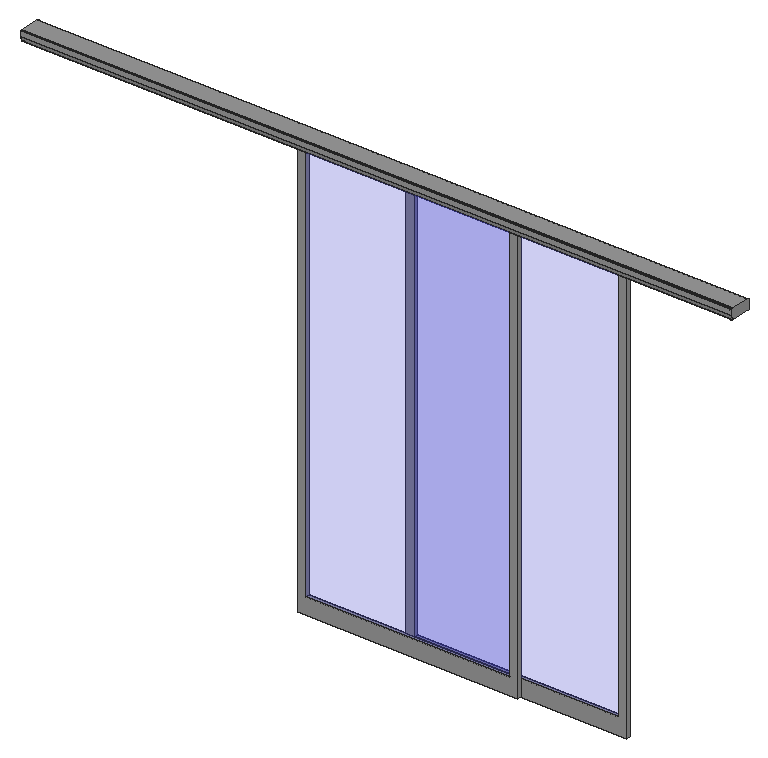
Revit family "DAS200T 2AM DX EN", category Doors, host Wall, Revit 2019
Family settings
  Host = Wall
  OmniClass Number = 23.30.10.00
  OmniClass Title = Doors
  Always vertical = Yes
  Cut with Voids When Loaded = No
  Shared = No
  Room Calculation Point = No
Parameters
  Weight = 200.00 kg
  Velocity = 0.7 m/s
  Uniclass 2015 Name = "Automatic sliding door operator"
  Uniclass 2.0 Description = "Sliding Doorset Systems"
  Uniclass 2.0 Code = "SS_25-30-20-77"
  Uniclass 1.4 Description = "Doors"
  Uniclass 1.4 Code = "JL20"
  Unicalss 2015 Code = "Pr 73_30_23_05"
  UNSPSC Code = "301715"
  Operator position [instance] = Calc Width / 2 + 250 mm  # 1250 mm
  Operation = "120x265 mm"
  Open door 2 [instance] = Open door 1 * 2  # 1000 mm
  Open door 1 [instance] = if(Open door < 1 mm, 1 mm, (if(Open door < Width / 2, Open door, Width / 2)))  # 500 mm
  Open door [instance] = 500 mm
  Max Width = 4323 mm  # constant formula
  Max Operator Length = 6600 mm  # constant formula
  Frame Width = Calc Width / 2 + 40 mm  # 1040 mm
  Frame = Aluminum + Glass
  Region South America = "All"
  Region Oceania = "All"
  Region North America = "All"
  Region Middle East = "All"
  Region Europe = "All"
  Region Asia = "All"
  Region Antartica = "All"
  QR code = ""
  Protection rating = "IP20"
  Product group = "Sliding Automatic Doors"
  Product family = "Automatic Doors"
  Power supply = "100÷240 Vac @ 50/60 MHz"
  Operator = Aluminum
  Operating temperature = "-20 ° C / +50 ° C"
  OmniClass Description = "Doors"
  OmniClass Code = "23-17 11 00"
  NBS Reference Description = "Sliding Doorset Systems"
  NBS Reference Code = "25-30-20-77"
  Max nominal power = "150"
  Masterformat 2016 Description = "Operation and Maintenance of Sliding Glass Doors"
  Masterformat 2016 Code = "08 01 32"
  Manufacturer name = "Entrematic Italy"
  Manufacturer country = "China"
  Operator Length = Calc Width + Calc Width / 2 + 40 mm  # 3040 mm
  Width = 2000 mm
  IFC Classification = "Door"
  Endurance test = "1000000 cyrcle"
  Edition number = "1"
  Drive type = "electromechanical unit"
  Dimensions = "120x625"
  Design country = "Italy"
  Description = "automation for sliding doors"
  Calc Width = if(Width > 950 mm, Width, (if(Width < Max Width, Width, Max Width)))  # 2000 mm
  Calc Operator Length [instance] = if(Operator Length < Width + Width / 2 + 350 mm, Width + Width / 2 + 350 mm, (if(Operator Length < Max Operator Length, Operator Length, 5600 mm)))  # 3350 mm
  Brand url = "http://www.ditecentrematic.com/"
  Brand = "Ditec"
  BIMobject Category = "Sliding"
  Wall Closure = By host
  Auxiliary power = "1 A @ 24 Vdc"
  Height = 2000 mm
Reference planes
  plane 1: y = 0
  plane 2 "Centro (Sinistra/Destra)": x = 0
  plane 3 "Sinistra": x = -1000
  plane 4 "Destra": x = 1000
  plane 5: z = 2000
  plane 6 "Esterni": y = 75
  plane 7 "Interno": y = -75
  plane 8: x = 2640
  plane 9: x = -2640
  plane 10: x = 0
  plane 11: x = -1250
  plane 12: x = 500
  plane 13: y = -90
Lines and regions (mm)
  Opening 1
    outline origin (-3050, -75, 0) x (1, 0, 0) y (0, 0, 1)
      loop
        line (2050, 0) -> (4050, 0) -> (4050, 2000) -> (2050, 2000) -> (2050, 0)
Text (mm)
  text "Exterior" at (-2295.016, 1099.543, 0), in view "Livello rif."
  text "Exterior" at (0, 1615.38, 3698.081), in view "Sinistra"
  text "Exterior" at (0, 1036.032, 3874.932), in view "Destra"
Dimensions and locks
  equal spacing: plane 3 "Sinistra", plane 2 "Centro (Sinistra/Destra)", plane 4 "Destra"
  "Calc Width": plane 3 "Sinistra" to plane 4 "Destra"
  "Height": plane 5 to host wall
  host wall to plane 5 = 2000 mm  (x2)
  locked: plane 6 "Esterni" to host wall at 0
  locked: plane 7 "Interno" to host wall
  "Open door 1": plane 12 to plane 2 "Centro (Sinistra/Destra)"
  "Open door 2": plane 3 "Sinistra" to plane 10
  "Operator position": plane 10 to plane 11
  locked: plane 13 to plane 7 "Interno" at 15
  aligned and locked: plane 3 "Sinistra" to Opening 1 sketch curve
  aligned and locked: plane 5 to Opening 1 sketch curve  (x2)
  aligned and locked: Opening 1 sketch curve to plane 4 "Destra"
  aligned and locked: Opening 1 sketch curve to level
  aligned and locked: plane 1 to host wall
  aligned and locked: plane 5 to nested 2
  aligned and locked: nested 2 to plane 7 "Interno"
  aligned and locked: plane 7 "Interno" to nested 4
  aligned and locked: nested 5 to plane 5
  aligned and locked: nested 7 to plane 7 "Interno"
  aligned and locked: plane 5 to nested 7
  aligned and locked: plane 12 to nested 3
  aligned and locked: nested 5 to plane 12
  aligned and locked: plane 10 to nested 6
  aligned and locked: nested 1 to plane 10
  aligned and locked: plane 11 to nested 7
  aligned and locked: nested 2 to plane 11
  aligned and locked: nested 4 to plane 11
  aligned and locked: nested 5 to plane 7 "Interno"
  aligned and locked: plane 7 "Interno" to nested 3
  aligned and locked: nested 1 to plane 13
  aligned and locked: nested 6 to plane 13
Nested families
  nested 1: "Frame" at (356.978, -115, 0), Frame <- "Operator", Glass <- "Frame", Hight <- "Height", Length <- "Frame Width", type "Frame", detail levels medium+fine
    with Length 1040 mm, Hight 2000 mm, Glass Aluminum + Glass, Frame Aluminum
  nested 2: "Operator" at (425, -146.5, 2000), Operator Length <- "Calc Operator Length", Operator Material <- "Operator", type "Operator", detail levels coarse+medium
    with Operator Material Aluminum, Operator Length 3350 mm
  nested 3: "Frame" at (1183.022, -100, 0) x (-1, 0, 0) z (0, 0, 1), Frame <- "Operator", Glass <- "Frame", Hight <- "Height", Length <- "Frame Width", type "Frame", detail levels medium+fine
    with Length 1040 mm, Hight 2000 mm, Glass Aluminum + Glass, Frame Aluminum
  nested 4: "Family1" at (-882.348, -140.409, 0), Operator <- "Calc Operator Length", type "Family1"
    with Operator 3350 mm
  nested 5: "Frame LOW" at (856.978, -82.5, 0), Hight <- "Height", Length <- "Frame Width", Glass <- "Frame", type "Frame LOW", detail levels coarse
    with Length 1040 mm, Hight 2000 mm, Glass Aluminum + Glass, Frame none
  nested 6: "Frame LOW" at (356.978, -97.5, 0), Hight <- "Height", Length <- "Frame Width", Glass <- "Frame", type "Frame LOW", detail levels coarse
    with Length 1040 mm, Hight 2000 mm, Glass Aluminum + Glass, Frame none
  nested 7: "Operator DETTAGLIO" at (425, -146.5, 2000), Operator Length <- "Calc Operator Length", Operator Material <- "Operator", type "Operator DETTAGLIO", detail levels fine
    with Operator Material Aluminum, Operator Length 3350 mm
Connectors
  electrical at (425, -125, 2050)
    settings: on nested 2, index 1, voltage 100 V, apparent load 0 VA, apparent load phase1 0 VA, apparent load phase2 0 VA, apparent load phase3 0 VA, power factor 1, load classification "Altro", number of poles 1, system type 31, power factor state 1, is connector primary yes, connector utility no, sub classification motor no, connector description ""
Definition of nested family "Frame"
  Parameters (values of type "Frame")
    Glass [instance] = none
    Frame [instance] = none
    Length [instance] = 1000 mm
    Hight [instance] = 2000 mm
  Reference planes
    plane 1 "Centro (Fronte/Retro)": y = 0
    plane 2: z = 0
    plane 3 "Centro (Sinistra/Destra)": x = 0
    plane 4: x = 683.022
    plane 5: x = -316.978
    plane 6: x = -276.978
    plane 7: x = 643.022
    plane 8: z = 2000
    plane 9: y = 10
    plane 10: y = 25
    plane 11: z = 80
    plane 12: z = 1960
  Forms (mm)
    Extrusion 1, solid, material <- "Frame"
      sketch origin (0, 0, 0) x (1, 0, 0) y (0, 0, 1)
        loop
          line (683.022, 0) -> (683.022, 2000) -> (-316.978, 2000) -> (-316.978, 0) -> (683.022, 0)
        loop
          line (-276.978, 1960) -> (-276.978, 80) -> (643.022, 80) -> (643.022, 1960) -> (-276.978, 1960)
      from -25 to -10
    Extrusion 2, solid, material <- "Glass"
      sketch origin (0, 0, 0) x (1, 0, 0) y (0, 0, 1)
        loop
          line (643.022, 1960) -> (-276.978, 1960) -> (-276.978, 80) -> (643.022, 80) -> (643.022, 1960)
      from -25 to -10
  Lines and regions (mm)
    symbolic lines, detail levels medium+fine
      curve 1: line (683.022, 25, 0) -> (-316.978, 25, 0)
      curve 2: line (-316.978, 10, 0) -> (683.022, 10, 0)
      curve 3: line (-316.978, 25, 0) -> (-316.978, 10, 0)
      curve 4: line (-276.978, 25, 0) -> (-276.978, 10, 0)
      curve 5: line (643.022, 10, 0) -> (643.022, 25, 0)
      curve 6: line (683.022, 10, 0) -> (683.022, 25, 0)
    symbolic lines, detail levels fine
      curve 7: line (-276.978, 22.02, 0) -> (643.022, 22.02, 0)
      curve 8: line (643.022, 12.645, 0) -> (-276.978, 12.645, 0)
  Dimensions and locks
    locked: plane 7 to plane 4 at 40
    locked: plane 5 to plane 6 at 40
    plane 8 to plane 2 = 2000 mm
    plane 10 to plane 9 to plane 1 "Centro (Fronte/Retro)" = 15 mm, 10 mm
    locked: plane 12 to plane 8 at 40
    locked: plane 2 to plane 11 at 80
    "Length": plane 4 to plane 5
    "Hight": plane 8 to plane 2
    aligned and locked: level to plane 2
    aligned and locked: plane 4 to Extrusion 1 sketch curve
    aligned and locked: plane 2 to Extrusion 1 sketch curve
    aligned and locked: plane 5 to Extrusion 1 sketch curve
    aligned and locked: plane 8 to Extrusion 1 sketch curve
    aligned and locked: plane 12 to Extrusion 1 sketch curve
    aligned and locked: plane 7 to Extrusion 1 sketch curve
    aligned and locked: plane 11 to Extrusion 1 sketch curve
    aligned and locked: plane 6 to Extrusion 1 sketch curve
    aligned and locked: plane 10 to Extrusion 1
    aligned and locked: Extrusion 1 to plane 9
    aligned and locked: Extrusion 2 sketch curve to plane 12
    aligned and locked: Extrusion 2 sketch curve to plane 7
    aligned and locked: Extrusion 2 sketch curve to plane 6
    aligned and locked: Extrusion 2 sketch curve to plane 11
    aligned and locked: Extrusion 2 to plane 9
    aligned and locked: curve 1 to Extrusion 1
    aligned and locked: curve 2 to Extrusion 1
    aligned and locked: curve 3 to Extrusion 1
    aligned and locked: curve 4 to Extrusion 2
    aligned and locked: curve 5 to Extrusion 2
    aligned and locked: curve 6 to Extrusion 1
  Automatic sketch dimensions
    curve 1 to plane 5 = 0 mm
    curve 4 to plane 6 = 0 mm
    curve 8 to plane 7 = 0 mm
    curve 6 to plane 4 = 0 mm
    curve 4 to plane 9 = 0 mm
    curve 6 to plane 10 = 0 mm
    plane 9 to curve 8 = 2.645 mm
    curve 7 to curve 4 = 2.98 mm
Definition of nested family "Operator"
  Parameters (values of type "Operator")
    Operator Material [instance] = none
    Operator Length [instance] = 3000 mm
  Reference planes
    plane 1 "Centro (Fronte/Retro)": y = 0
    plane 2: z = 0
    plane 3 "Centro (Sinistra/Destra)": x = 0
    plane 4: y = 71.5
    plane 5: y = -28.5
    plane 6: x = -1500
    plane 7: x = 1500
    plane 8: z = 50
  Forms (mm)
    Extrusion 1, solid, material <- "Operator Material"
      sketch origin (0, 0, 0) x (1, 0, 0) y (0, 1, 0)
        loop
          line (-1500, 71.5) -> (-1500, -28.5) -> (1500, -28.5) -> (1500, 71.5) -> (-1500, 71.5)
      from 0 to 50
  Dimensions and locks
    equal spacing: plane 6, plane 3 "Centro (Sinistra/Destra)", plane 7
    plane 8 to plane 2 = 50 mm
    plane 4 to plane 5 = 100 mm
    "Operator Length": plane 6 to plane 7
    aligned and locked: level to plane 2
    aligned and locked: Extrusion 1 sketch curve to plane 4
    aligned and locked: Extrusion 1 sketch curve to plane 6
    aligned and locked: Extrusion 1 sketch curve to plane 7
  Automatic sketch dimensions
    plane 5 to Extrusion 1 sketch curve = 0 mm
Definition of nested family "Frame LOW"
  Parameters (values of type "Frame LOW")
    Glass [instance] = none
    Frame [instance] = none
    Length [instance] = 1000 mm
    Hight [instance] = 2000 mm
  Reference planes
    plane 1 "Centro (Fronte/Retro)": y = 0
    plane 2: z = 0
    plane 3 "Centro (Sinistra/Destra)": x = 0
    plane 4: x = 683.022
    plane 5: x = -316.978
    plane 6: x = -276.978
    plane 7: x = 643.022
    plane 8: z = 2000
    plane 9: y = -7.5
    plane 10: y = 7.5
    plane 11: z = 80
    plane 12: z = 1960
  Forms (mm)
    Extrusion 1, solid, material <- "Glass"
      sketch origin (0, 0, 0) x (1, 0, 0) y (0, 0, 1)
        loop
          line (683.022, 2000) -> (-316.978, 2000) -> (-316.978, 0) -> (683.022, 0) -> (683.022, 2000)
      from -7.5 to 7.5
  Dimensions and locks
    locked: plane 7 to plane 4 at 40
    locked: plane 5 to plane 6 at 40
    plane 8 to plane 2 = 2000 mm
    plane 10 to plane 1 "Centro (Fronte/Retro)" to plane 9 = 7.5 mm, 7.5 mm
    locked: plane 12 to plane 8 at 40
    locked: plane 2 to plane 11 at 80
    "Length": plane 4 to plane 5
    "Hight": plane 8 to plane 2
    aligned and locked: level to plane 2
    aligned and locked: Extrusion 1 sketch curve to plane 5
    aligned and locked: plane 8 to Extrusion 1 sketch curve
    aligned and locked: Extrusion 1 sketch curve to plane 4
    aligned and locked: plane 2 to Extrusion 1 sketch curve
    aligned and locked: plane 10 to Extrusion 1
    aligned and locked: Extrusion 1 to plane 9
Definition of nested family "Operator DETTAGLIO"
  Parameters (values of type "Operator DETTAGLIO")
    Operator Material [instance] = none
    Operator Length [instance] = 2000 mm
  Reference planes
    plane 1 "Centro (Fronte/Retro)": y = 0
    plane 2: z = 0
    plane 3 "Centro (Sinistra/Destra)": x = 0
    plane 4: y = 71.5
    plane 5: y = -71.5
    plane 6: x = -1000
    plane 7: x = 1000
    plane 8: z = 120
    plane 9: x = -280
    plane 10: x = 280
    plane 11: y = 68.044
    plane 12: x = -963.344
  Forms (mm)
    Extrusion 1, solid, material <- "Operator Material"
      sketch origin (0, 0.003, 63.383) x (0, 1, 0) y (0, 0, 1)
        loop
          arc (70.713, -63.383) -> (71.269, -63.153) -> (71.5, -62.596) r 0.787
          line (71.5, -62.596) -> (71.5, -16.533)
          arc (71.5, -16.533) -> (71.269, -15.976) -> (70.713, -15.746) r 0.787
          line (70.713, -15.746) -> (-21.686, -15.746) -> (-27.516, -16.57) -> (-27.516, -17.946) -> (-28.5, -19.559) -> (-28.5, -44.092) -> (-22.409, -62.839)
          arc (-22.409, -62.839) -> (-22.123, -63.233) -> (-21.66, -63.383) r 0.787
          line (-21.66, -63.383) -> (70.713, -63.383)
      from -1000 to 1000
  Dimensions and locks
    equal spacing: plane 6, plane 3 "Centro (Sinistra/Destra)", plane 7
    equal spacing: plane 4, plane 1 "Centro (Fronte/Retro)", plane 5
    plane 8 to plane 2 = 120 mm
    locked: plane 4 to plane 5 at 143
    "Operator Length": plane 6 to plane 7
    locked: plane 9 to plane 3 "Centro (Sinistra/Destra)" at 280
    locked: plane 3 "Centro (Sinistra/Destra)" to plane 10 at 280
    locked: plane 11 to plane 4 at 3.456
    aligned and locked: level to plane 2
    aligned and locked: plane 7 to Extrusion 1
    aligned and locked: Extrusion 1 to plane 6
    aligned and locked: plane 2 to Extrusion 1 sketch curve
  Automatic sketch dimensions
    Extrusion 1 sketch curve to plane 1 "Centro (Fronte/Retro)" = 28.497 mm
    Extrusion 1 sketch curve to plane 1 "Centro (Fronte/Retro)" = 27.512 mm
    Extrusion 1 sketch curve to level = 0.544 mm
    Extrusion 1 sketch curve to plane 1 "Centro (Fronte/Retro)" = 22.405 mm
    Extrusion 1 sketch curve to plane 1 "Centro (Fronte/Retro)" = 21.682 mm
    Extrusion 1 sketch curve to Extrusion 1 sketch curve = 0.749 mm
    plane 4 to Extrusion 1 sketch curve = 0.784 mm  (x2)
    Extrusion 1 sketch curve to plane 4 = 0.003 mm
    Extrusion 1 sketch curve to level = 19.291 mm
    Extrusion 1 sketch curve to Extrusion 1 sketch curve = 24.533 mm
    Extrusion 1 sketch curve to Extrusion 1 sketch curve = 1.613 mm
    Extrusion 1 sketch curve to Extrusion 1 sketch curve = 1.377 mm
    Extrusion 1 sketch curve to Extrusion 1 sketch curve = 46.063 mm
Definition of nested family "Family1"
  Parameters (values of type "Family1")
    Operator [instance] = 722.652 mm
  Reference planes
    plane 1 "Center (Front/Back)": y = 0
    plane 2: z = 0
    plane 3 "Center (Left/Right)": x = 0
    plane 4: x = -367.652
    plane 5: x = 355
    plane 6: y = 65.409
    plane 7: y = -35.362
    plane 8: y = -35.362
  Lines and regions (mm)
    detail lines, in view "Ref. Level"
      curve 1: line (-367.652, 65.409, 0) -> (355, 65.409, 0)
      curve 2: line (-367.652, -35.362, 0) -> (355, -35.362, 0)
      curve 3: line (-367.652, 65.409, 0) -> (-367.652, -35.362, 0)
      curve 4: line (355, 65.409, 0) -> (355, -35.362, 0)
  Dimensions and locks
    "Operator": plane 4 to plane 5
  Automatic sketch dimensions
    curve 2 to plane 7 = 0 mm
    curve 1 to plane 6 = 0 mm
    curve 1 to plane 4 = 0 mm
    plane 5 to curve 2 = 0 mm
